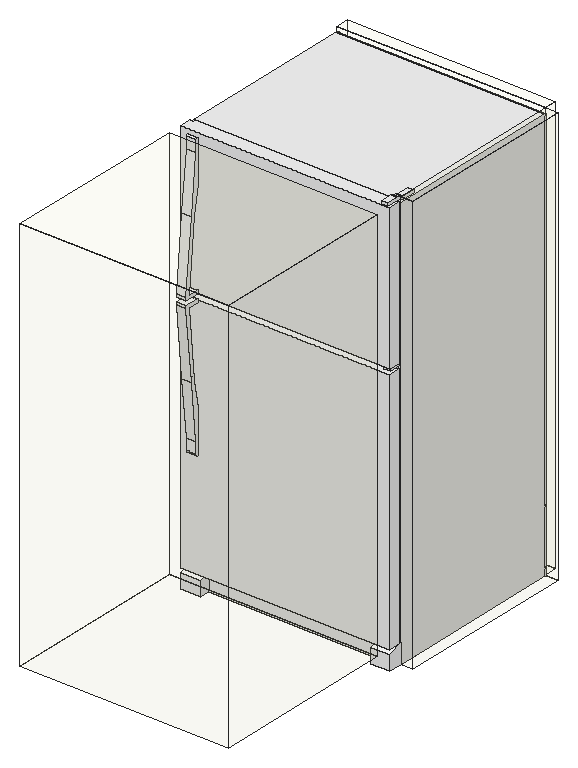
Revit family "WRT311FZDW-011c_Refrigeration_Top_Mount", category Specialty Equipment, Revit 2026
Family settings
  Round Connector Dimension = Use Diameter
  Part Type = Normal
  Work Plane-Based = No
  Enable Cutting in Views = No
  Always vertical = Yes
  Cut with Voids When Loaded = No
  Maintain Annotation Orientation = No
  Shared = No
  Room Calculation Point = No
Parameters (values of type "WRT311FZDW")
  Width = 32 3/4"
  Warranty Duration (Years) = "One year limited"
  Voltage = 120 V
  URL = "https://www.whirlpool.com/kitchen/refrigeration/refrigerators/top-freezer/p.33-inch-wide-top-freezer-refrigerator-20-cu.-ft.wrt311fzdz.html"
  Specification = ""
  SpecWizard = ""
  Show Clearance [instance] = yes
  Send Message = ""
  Sales Information = "https://www.whirlpool.com/kitchen/refrigeration/refrigerators/top-freezer/p.33-inch-wide-top-freezer-refrigerator-20-cu.-ft.wrt311fzdz.html"
  Product Data = "https://www.whirlpool.com/content/dam/global/documents/201710/InstallationandOwnersManual-W10726840-RevA.pdf"
  Model = "WRT311FZDW"
  Manufacturer Website = ""
  Manufacturer Phone - Toll Free = ""
  Manufacturer Phone = ""
  Manufacturer Fax = ""
  Manufacturer Email = ""
  Manufacturer Address = ""
  Manufacturer = "Whirlpool"
  Maintenance Schedule (Months) = "NA"
  Leg Material = ARCAT - Plastic - Black
  Installation-Fabrication = "https://www.whirlpool.com/content/dam/global/documents/201410/dimension-guide-W10674106-D-WH.pdf"
  Installation Phase = "NA"
  Height = 66 1/4"
  Handle Material = ARCAT - Metal - Steel - White
  HW size = 0"
  Family Name = "Freestanding Refrigerator"
  Expected Lifespan (Years) = "NA"
  Exhaust size = 0"
  Drawn By = ""
  Drain size = 0"
  Door Material = ARCAT - Metal - Steel - White
  Description = "Whirlpool® 33-inch Wide Top Freezer Refrigerator - 20 cu. ft"
  Depth = 32 7/8"
  Default Elevation = 0"
  Copyright = ""
  Clearance Material = ARCAT - Clearance
  CW size = 0"
  Body Material = ARCAT - Metal - Steel - White
  Apparent Load = 0 VA
  Amps = 15 A
Reference planes (in)
  plane 1 "Center (Front/Back)": y = 0
  plane 2: z = 0
  plane 3 "Center (Left/Right)": x = 0
  plane 4: z = 66.25
  plane 5: x = -16.375
  plane 6: x = 16.375
  plane 7: y = -34.875
  plane 8: y = -2
Forms (in)
  Extrusion 1, solid, material "ARCAT - Clearance" <- "Clearance Material", visible <- "Show Clearance", detail levels medium+fine
    sketch origin (63.95747, -180.25, 0) x (-1, 0, 0) y (0, -1, 0)
      loop
        line (47.58247, -145.375) -> (80.33247, -145.375) -> (80.33247, -116) -> (47.58247, -116) -> (47.58247, -145.375)
    from 3.5 to 65.75
  Extrusion 2, solid, material "ARCAT - Clearance" <- "Clearance Material", visible <- "Show Clearance", detail levels medium+fine
    sketch origin (63.95747, -149.5, 0) x (-1, 0, 0) y (0, -1, 0)
      loop
        line (47.58247, -149.5) -> (80.33247, -149.5) -> (80.33247, -147.5) -> (47.58247, -147.5) -> (47.58247, -149.5)
    from 0.5 to 66.25
  Extrusion 3, solid, material "ARCAT - Clearance" <- "Clearance Material", visible <- "Show Clearance", detail levels medium+fine
    sketch origin (91.95747, -164.38786, 0) x (-1, 0, 0) y (0, -1, 0)
      loop
        line (73.58247, -162.38786) -> (75.58247, -162.38786) -> (75.58247, -133.88786) -> (73.58247, -133.88786) -> (73.58247, -162.38786)
    from 0.5 to 66.25
  Extrusion 4, solid, material "ARCAT - Metal - Steel - White" <- "Body Material"
    sketch origin (0, -3.25, 0) x (1, 0, 0) y (0, 1, 0)
      loop
        line (-16.375, 1.125) -> (-16.375, -27.25) -> (16.375, -27.25) -> (16.375, 1.125) -> (-16.375, 1.125)
    from 0.5 to 65.5
  Extrusion 5, solid, material "ARCAT - Metal - Steel - White" <- "Door Material"
    sketch origin (0, -4.75, 58.5) x (1, 0, 0) y (0, 1, 0)
      loop
        line (-16.375, -26.10355) -> (-16.375, -27.875) -> (16.375, -27.875) -> (16.375, -26.10355) -> (15.875, -26.10355) -> (15.875, -25.75) -> (-15.875, -25.75) -> (-15.875, -26.10355) -> (-16.375, -26.10355)
    from -15.5 to 7.25
  Extrusion 6, solid, material "ARCAT - Metal - Steel - White" <- "Body Material"
    sketch origin (-16.375, -2.125, 0) x (1, 0, 0) y (0, 0, -1)
      loop
        line (32.75, -10.5) -> (32.75, -1.75) -> (31.75, -1.75) -> (31.75, -0.5) -> (1, -0.5) -> (1, -1.75) -> (0, -1.75) -> (0, -4.29678) -> (2, -4.29678) -> (2, -6.16758) -> (0, -6.16758) -> (0, -10.5) -> (22.79749, -10.5) -> (22.79749, -9) -> (23.54749, -9) -> (23.54749, -10.5) -> (32.75, -10.5)
    from 0 to 0.125
  Extrusion 7, solid, material "ARCAT - Metal - Steel - White" <- "Body Material"
    sketch origin (-14.1746, -2.125, -0.95577) x (1, 0, 0) y (0, 0, -1)
      loop
        circle (29.2996, -11.70577) r 0.25
    from 0 to 0.03125
  Extrusion 8, solid, material "ARCAT - Plastic - Black" <- "Leg Material"
    sketch origin (4.68238, 16.64858, 0.5) x (1, 0, 0) y (0, -1, 0)
      loop
        circle (-18.55738, 21.14858) r 0.75
    from 0 to 0.5
  Extrusion 9, solid, material "ARCAT - Plastic - Black" <- "Leg Material"
    sketch origin (-4.68238, 16.64858, 0.5) x (1, 0, 0) y (0, -1, 0)
      loop
        circle (18.55738, 21.14858) r 0.75
    from 0 to 0.5
  Extrusion 10, solid, material "ARCAT - Plastic - Black" <- "Leg Material"
    sketch origin (4.68238, -3.60142, 0.5) x (1, 0, 0) y (0, -1, 0)
      loop
        circle (-18.55738, 22.39858) r 0.75
    from 0 to 0.5
  Extrusion 11, solid, material "ARCAT - Plastic - Black" <- "Leg Material"
    sketch origin (-4.68238, -3.60142, 0.5) x (1, 0, 0) y (0, -1, 0)
      loop
        circle (18.55738, 22.39858) r 0.75
    from 0 to 0.5
  Extrusion 12, solid, material "ARCAT - Metal - Steel - White" <- "Handle Material"
    sketch origin (-15.3125, -3.25, 38.625) x (0, 0, 1) y (0, 1, 0)
      loop
        arc (19.73308, -29.375) -> (17.65687, -29.64998) -> (15.59639, -30.02501) r 43.31025
        arc (15.59639, -30.02501) -> (10.26376, -30.84893) -> (4.875, -31.12638) r 53
        line (4.875, -31.12638) -> (4.875, -29.375) -> (4.375, -29.375) -> (4.375, -31.625)
        arc (4.375, -31.625) -> (4.58156, -31.6259) -> (4.78812, -31.62635) r 95.84862
        arc (4.78812, -31.62635) -> (10.27151, -31.35075) -> (15.69779, -30.51462) r 53.5
        arc (15.69779, -30.51462) -> (20.0161, -29.84799) -> (24.37987, -29.625) r 42.81025
        line (24.37987, -29.625) -> (26.12987, -29.625)
        arc (26.12987, -29.625) -> (26.30665, -29.55178) -> (26.37987, -29.375) r 0.25
        line (26.37987, -29.375) -> (19.73308, -29.375)
    from 0 to -1.5
  Extrusion 13, solid, material "ARCAT - Metal - Steel - White" <- "Body Material"
    sketch origin (-42.8125, -32.25, 48) x (1, 0, 0) y (0, 0, 1)
      loop
        line (29.4375, -44.5) -> (29.4375, -47.5) -> (56.1875, -47.5) -> (56.1875, -44.5) -> (29.4375, -44.5)
    from -1.75 to -1.25
  Extrusion 14, solid, material "ARCAT - Metal - Steel - White" <- "Door Material"
    sketch origin (0, -4.75, 35.5) x (1, 0, 0) y (0, 1, 0)
      loop
        line (-16.375, -26.10355) -> (-16.375, -27.875) -> (16.375, -27.875) -> (16.375, -26.10355) -> (15.875, -26.10355) -> (15.875, -25.75) -> (-15.875, -25.75) -> (-15.875, -26.10355) -> (-16.375, -26.10355)
    from -32 to 6.75
  Extrusion 15, solid, material "ARCAT - Metal - Steel - White" <- "Body Material"
    sketch origin (-16.375, -1.25, 0) x (0, 1, 0) y (0, 0, 1)
      loop
        line (-29.25, 3.5) -> (-31.375, 2.75) -> (-31.375, 0.5) -> (-29.25, 0.5) -> (-29.25, 3.5)
    from 0 to 3
  Extrusion 16, solid, material "ARCAT - Metal - Steel - White" <- "Body Material"
    sketch origin (16.375, -1.25, 0) x (0, 1, 0) y (0, 0, -1)
      loop
        line (-29.25, -3.5) -> (-29.25, -0.5) -> (-31.375, -0.5) -> (-31.375, -2.75) -> (-29.25, -3.5)
    from 0 to 3
  Extrusion 17, solid, material "ARCAT - Metal - Steel - White" <- "Body Material"
    sketch origin (-14, -2.25, 0) x (1, 0, 0) y (0, 0, -1)
      loop
        line (30.375, -65.5) -> (30.375, -10.5) -> (29.375, -10.5) -> (29.375, -64.5) -> (-1.375, -64.5) -> (-1.375, -10.5) -> (-2.375, -10.5) -> (-2.375, -65.5) -> (30.375, -65.5)
      loop
        line (30.375, -0.5) -> (29.375, -0.5) -> (29.375, -1.75) -> (30.375, -1.75) -> (30.375, -0.5)
      loop
        line (-2.375, -0.5) -> (-2.375, -1.75) -> (-1.375, -1.75) -> (-1.375, -0.5) -> (-2.375, -0.5)
    from 0.125 to 0.25
  Extrusion 18, solid, material "ARCAT - Metal - Steel - White" <- "Handle Material"
    sketch origin (-15.3125, -3.25, 46.625) x (0, 0, -1) y (0, -1, 0)
      loop
        line (19.73308, 29.375) -> (26.37987, 29.375)
        arc (26.37987, 29.375) -> (26.30665, 29.55178) -> (26.12987, 29.625) r 0.25
        line (26.12987, 29.625) -> (24.37987, 29.625)
        arc (24.37987, 29.625) -> (20.0161, 29.84799) -> (15.69779, 30.51462) r 42.81025
        arc (15.69779, 30.51462) -> (10.27151, 31.35075) -> (4.78812, 31.62635) r 53.5
        arc (4.78812, 31.62635) -> (4.58156, 31.6259) -> (4.375, 31.625) r 95.84862
        line (4.375, 31.625) -> (4.375, 29.375) -> (4.875, 29.375) -> (4.875, 31.12638)
        arc (4.875, 31.12638) -> (10.26376, 30.84893) -> (15.59639, 30.02501) r 53
        arc (15.59639, 30.02501) -> (17.65687, 29.64998) -> (19.73308, 29.375) r 43.31025
    from 0 to -1.5
  Extrusion 19, solid, material "ARCAT - Metal - Steel - White" <- "Body Material"
    sketch origin (0.5, -4.75, 65.75) x (1, 0, 0) y (0, 1, 0)
      loop
        circle (15.125, -26.8125) r 0.25
    from 0 to 0.125
  Extrusion 20, solid, material "ARCAT - Metal - Steel - White" <- "Body Material"
    sketch origin (15.125, 3.75, 48) x (0, 1, 0) y (0, 0, 1)
      loop
        line (-36.375, 17.875) -> (-34.6031, 17.875)
        arc (-34.6031, 17.875) -> (-34.42946, 17.85981) -> (-34.26108, 17.81469) r 1
        line (-34.26108, 17.81469) -> (-33.56217, 17.56031)
        arc (-33.56217, 17.56031) -> (-33.39379, 17.51519) -> (-33.22015, 17.5) r 1
        line (-33.22015, 17.5) -> (-31.25, 17.5) -> (-31.25, 17.875) -> (-33.22015, 17.875)
        arc (-33.22015, 17.875) -> (-33.39379, 17.89019) -> (-33.56217, 17.93531) r 1
        line (-33.56217, 17.93531) -> (-34.26108, 18.18969)
        arc (-34.26108, 18.18969) -> (-34.42946, 18.23481) -> (-34.6031, 18.25) r 1
        line (-34.6031, 18.25) -> (-36.375, 18.25) -> (-36.375, 17.875)
    from 0 to 1
  Extrusion 21, solid, material "ARCAT - Metal - Steel - White" <- "Body Material"
    sketch origin (0.5, -4.75, 42.5) x (1, 0, 0) y (0, 1, 0)
      loop
        circle (15.125, -26.8125) r 0.25
    from -0.25 to 0.5
  Extrusion 22, solid, material "ARCAT - Metal - Steel - White" <- "Body Material"
    sketch origin (15.125, 3.75, 24.5625) x (0, 1, 0) y (0, 0, 1)
      loop
        line (-35.93026, 17.875) -> (-34.25, 17.875) -> (-34.25, 18.25) -> (-35.93026, 18.25) -> (-35.93026, 17.875)
    from 0 to 1
Cuts and joins
  joined: Extrusion 19, Extrusion 20
  joined: Extrusion 21, Extrusion 22
Lines and regions (in)
  model lines
    curve 1: line (-13.625, -2, 3.60755) -> (-13.625, -2, 7.99851)
    curve 2: line (-10.625, -2, 7.99851) -> (-10.625, -2, 3.60755)
    curve 3: line (12.875, -2, 6.75) -> (12.875, -2, 9.75)
    curve 4: line (14.91509, -2, 6.75) -> (14.91509, -2, 2.125)
    curve 5: line (7.375, -2, 9.75) -> (12.875, -2, 9.75)
    curve 6: line (6.875, -2, 2.125) -> (6.875, -2, 8.75)
    curve 7: line (14.91509, -2, 2.125) -> (6.875, -2, 2.125)
    curve 11: line (-12.58491, -31, 3) -> (-12.58491, -31, 1)
    curve 12: line (-12.58491, -31, 3) -> (1.41509, -31, 3)
    curve 13: line (-10.58491, -31, 3) -> (-10.58491, -31, 1)
    curve 14: line (-8.58491, -31, 3) -> (-8.58491, -31, 1)
    curve 15: line (-6.58491, -31, 3) -> (-6.58491, -31, 1)
    curve 16: line (-4.58491, -31, 3) -> (-4.58491, -31, 1)
    curve 17: line (-2.58491, -31, 3) -> (-2.58491, -31, 1)
    curve 18: line (-0.58491, -31, 3) -> (-0.58491, -31, 1)
    curve 19: line (1.41509, -31, 3) -> (1.41509, -31, 1)
    curve 20: line (-12.58491, -31, 2.5) -> (1.41509, -31, 2.5)
    curve 21: line (-12.58491, -31, 2) -> (1.41509, -31, 2)
    curve 22: line (-12.58491, -31, 1.5) -> (1.41509, -31, 1.5)
    curve 23: line (-12.58491, -31, 1) -> (1.41509, -31, 1)
    curve 24: line (12.58491, -31, 3) -> (12.58491, -31, 1)
    curve 25: line (4.16509, -31, 3) -> (4.16509, -31, 1)
    curve 26: line (12.58491, -31, 3) -> (4.16509, -31, 3)
    curve 27: line (4.16509, -31, 1) -> (12.58491, -31, 1)
    curve 28: line (10.03836, -31, 3) -> (10.03836, -31, 1)
    curve 29: line (6.97586, -31, 3) -> (6.97586, -31, 1)
    curve 30: line (4.16509, -31, 2.25) -> (12.58491, -31, 2.25)
    curve 31: line (4.16509, -31, 1.75) -> (12.58491, -31, 1.75)
    curve 32: line (12.875, -2, 6.75) -> (14.91509, -2, 6.75)
    curve 33: line (7.375, -2, 8.75) -> (7.375, -2, 9.75)
    curve 34: line (6.875, -2, 8.75) -> (7.375, -2, 8.75)
    curve 35: arc (-13.625, -2, 7.99851) -> (-12.125, -2, 9.49851) -> (-10.625, -2, 7.99851) r 1.5
    curve 36: arc (-10.625, -2, 3.60755) -> (-12.125, -2, 2.10755) -> (-13.625, -2, 3.60755) r 1.5
  symbolic lines
    curve 8: line (-16.375, -2, 0) -> (16.375, -2, 0)
    curve 9: line (-16.375, -32.625, 0) -> (-16.375, -2, 0)
    curve 10: line (16.375, -2, 0) -> (16.375, -32.625, 0)
  symbolic lines, style "SpecialityEquipment"
    curve 37: line (-16.375, -32.625, 65.75) -> (16.375, -32.625, 65.75)
    curve 38: line (-15.3125, -32.625, 65.75) -> (-15.3125, -34.875, 65.75)
    curve 39: line (-15.3125, -34.875, 65.75) -> (-13.8125, -34.875, 65.75)
    curve 40: line (-13.8125, -34.875, 65.75) -> (-13.8125, -32.625, 65.75)
Dimensions and locks (in)
  "Height": plane 4 to plane 2
  equal spacing: plane 5, plane 3 "Center (Left/Right)", plane 6
  "Width": plane 5 to plane 6
  "Depth": plane 7 to plane 8
  aligned and locked: plane 2 to level
Automatic sketch dimensions
  Extrusion 1 sketch curve to plane 6 = 0"
  Extrusion 1 sketch curve to plane 5 = 0"
  plane 7 to Extrusion 1 sketch curve = 0"
  plane 7 to Extrusion 1 sketch curve = 29 3/8"
  Extrusion 2 sketch curve to plane 6 = 0"
  Extrusion 2 sketch curve to plane 5 = 0"
  plane 1 "Center (Front/Back)" to Extrusion 2 sketch curve = 0"
  plane 8 to Extrusion 2 sketch curve = 0"
  plane 8 to Extrusion 3 sketch curve = 0"
  Extrusion 3 sketch curve to plane 6 = 0"
  Extrusion 3 sketch curve to Extrusion 3 sketch curve = 2"
  Extrusion 3 sketch curve to plane 7 = 4 3/8"
  Extrusion 4 sketch curve to plane 5 = 0"
  Extrusion 4 sketch curve to plane 6 = 0"
  Extrusion 4 sketch curve to plane 7 = 4 3/8"
  plane 8 to Extrusion 4 sketch curve = 1/8"
  Extrusion 5 sketch curve to plane 5 = 0"
  Extrusion 5 sketch curve to plane 6 = 0"
  plane 5 to Extrusion 5 sketch curve = 1/2"
  plane 6 to Extrusion 5 sketch curve = 1/2"
  Extrusion 5 sketch curve to plane 7 = 2 1/4"
  Extrusion 5 sketch curve to Extrusion 5 sketch curve = 1.77145"  (x2)
  Extrusion 5 sketch curve to Extrusion 5 sketch curve = 0.35355"
  plane 6 to Extrusion 7 sketch curve = 1 1/4"
  level to Extrusion 7 sketch curve = 10 3/4"
  plane 5 to Extrusion 8 sketch curve = 2 1/2"
  plane 8 to Extrusion 8 sketch curve = 2 1/2"
  plane 6 to Extrusion 9 sketch curve = 2 1/2"
  plane 8 to Extrusion 9 sketch curve = 2 1/2"
  plane 5 to Extrusion 10 sketch curve = 2 1/2"
  Extrusion 10 sketch curve to plane 7 = 8 7/8"
  plane 6 to Extrusion 11 sketch curve = 2 1/2"
  Extrusion 11 sketch curve to plane 7 = 8 7/8"
  Extrusion 12 sketch curve to Extrusion 12 sketch curve = 0"  (x5)
  Extrusion 12 sketch curve to plane 7 = 0"
  Extrusion 12 sketch curve to plane 7 = 2 1/4"  (x2)
  plane 4 to Extrusion 12 sketch curve = 23 1/4"
  plane 4 to Extrusion 12 sketch curve = 22.77721"
  Extrusion 12 sketch curve to Extrusion 12 sketch curve = 1/2"
  plane 4 to Extrusion 12 sketch curve = 22.72998"
  plane 4 to Extrusion 12 sketch curve = 7.89192"
  plane 4 to Extrusion 12 sketch curve = 3.24513"
  plane 4 to Extrusion 12 sketch curve = 1.49513"
  Extrusion 12 sketch curve to Extrusion 12 sketch curve = 1/4"
  plane 7 to Extrusion 12 sketch curve = 40.81025"
  Extrusion 12 sketch curve to plane 7 = 0.49862"
  Extrusion 12 sketch curve to plane 1 "Center (Front/Back)" = 18.62362"
  Extrusion 12 sketch curve to Extrusion 12 sketch curve = 42.34859"
  level to Extrusion 13 sketch curve = 1/2"
  plane 5 to Extrusion 13 sketch curve = 3"
  plane 6 to Extrusion 13 sketch curve = 3"
  Extrusion 13 sketch curve to Extrusion 13 sketch curve = 3"
  Extrusion 14 sketch curve to plane 5 = 0"
  Extrusion 14 sketch curve to plane 6 = 0"
  plane 5 to Extrusion 14 sketch curve = 1/2"
  plane 6 to Extrusion 14 sketch curve = 1/2"
  Extrusion 14 sketch curve to plane 7 = 2 1/4"
  Extrusion 14 sketch curve to Extrusion 14 sketch curve = 1.77145"  (x2)
  Extrusion 14 sketch curve to Extrusion 14 sketch curve = 0.35355"
  Extrusion 15 sketch curve to plane 7 = 2 1/4"
  level to Extrusion 15 sketch curve = 1/2"
  Extrusion 15 sketch curve to Extrusion 15 sketch curve = 2 1/8"
  Extrusion 15 sketch curve to Extrusion 15 sketch curve = 2 1/4"
  Extrusion 15 sketch curve to Extrusion 15 sketch curve = 3/4"
  Extrusion 16 sketch curve to plane 7 = 2 1/4"
  level to Extrusion 16 sketch curve = 1/2"
  Extrusion 16 sketch curve to Extrusion 16 sketch curve = 2 1/8"
  Extrusion 16 sketch curve to Extrusion 16 sketch curve = 2 1/4"
  Extrusion 16 sketch curve to Extrusion 16 sketch curve = 3/4"
  curve 11 to Extrusion 13 = 0.79009"
  curve 12 to Extrusion 13 = 1/2"
  curve 12 to Extrusion 13 = 11.95991"
  curve 25 to Extrusion 13 = 1/2"
  curve 12 to curve 25 = 2 3/4"
  curve 26 to Extrusion 13 = 0.79009"
  curve 19 to Extrusion 13 = 1/2"
  curve 24 to Extrusion 13 = 1/2"
  curve 11 to curve 13 = 2"
  curve 13 to curve 14 = 2"
  curve 14 to curve 15 = 2"
  curve 15 to curve 16 = 2"
  curve 16 to curve 17 = 2"
  curve 17 to curve 18 = 2"
  curve 25 to curve 29 = 2.81077"
  curve 28 to curve 24 = 2.54655"
  curve 20 to curve 12 = 1/2"
  curve 30 to curve 24 = 3/4"
  curve 21 to curve 20 = 1/2"
  curve 31 to curve 30 = 1/2"
  curve 11 to curve 22 = 1/2"
  Extrusion 17 sketch curve to plane 5 = 0"  (x2)
  plane 6 to Extrusion 17 sketch curve = 0"  (x2)
  Extrusion 17 sketch curve to Extrusion 17 sketch curve = 1"  (x3)
  plane 4 to Extrusion 17 sketch curve = 3/4"
  level to Extrusion 17 sketch curve = 1/2"  (x2)
  Extrusion 18 sketch curve to Extrusion 18 sketch curve = 0"  (x5)
  Extrusion 18 sketch curve to plane 7 = 0"
  Extrusion 18 sketch curve to plane 7 = 2 1/4"  (x2)
  plane 4 to Extrusion 18 sketch curve = 24"
  plane 4 to Extrusion 18 sketch curve = 24.47279"
  Extrusion 18 sketch curve to Extrusion 18 sketch curve = 1/2"
  plane 4 to Extrusion 18 sketch curve = 24.52002"
  Extrusion 18 sketch curve to Extrusion 18 sketch curve = 14.85808"
  level to Extrusion 18 sketch curve = 22.24513"
  Extrusion 18 sketch curve to Extrusion 18 sketch curve = 1 3/4"
  Extrusion 18 sketch curve to Extrusion 18 sketch curve = 1/4"
  Extrusion 18 sketch curve to plane 1 "Center (Front/Back)" = 18.62362"
  Extrusion 18 sketch curve to Extrusion 18 sketch curve = 42.34859"
  Extrusion 18 sketch curve to plane 7 = 0.49862"
  plane 7 to Extrusion 18 sketch curve = 40.81025"
  Extrusion 19 sketch curve to Extrusion 5 = 1/4"
  Extrusion 19 sketch curve to Extrusion 5 = 0.70895"
  plane 4 to Extrusion 20 sketch curve = 0"
  plane 4 to Extrusion 20 sketch curve = 3/8"
  Extrusion 20 sketch curve to plane 7 = 2 1/4"
  Extrusion 20 sketch curve to Extrusion 20 sketch curve = 1.7719"
  Extrusion 20 sketch curve to Extrusion 20 sketch curve = 0"  (x2)
  plane 4 to Extrusion 20 sketch curve = 0.06031"
  Extrusion 20 sketch curve to Extrusion 20 sketch curve = 0.34202"  (x4)
  plane 4 to Extrusion 20 sketch curve = 0.43531"
  plane 4 to Extrusion 20 sketch curve = 0.31469"
  Extrusion 20 sketch curve to Extrusion 20 sketch curve = 0.69892"
  plane 4 to Extrusion 20 sketch curve = 0.68969"
  Extrusion 20 sketch curve to Extrusion 20 sketch curve = 1.97015"
  Extrusion 20 sketch curve to Extrusion 20 sketch curve = 0.06031"  (x2)
  plane 6 to Extrusion 21 sketch curve = 3/4"
  Extrusion 21 sketch curve to plane 7 = 3 5/16"
  Extrusion 22 sketch curve to plane 7 = 2.69474"
  Extrusion 22 sketch curve to Extrusion 22 sketch curve = 1.68026"
  plane 4 to Extrusion 22 sketch curve = 23 13/16"
  Extrusion 22 sketch curve to Extrusion 22 sketch curve = 3/8"
  curve 1 to Extrusion 6 = 2 3/4"
  curve 1 to curve 36 = 1 1/2"
  Extrusion 6 to curve 6 = 0.29749"
  curve 34 to Extrusion 6 = 0.20251"
  curve 5 to Extrusion 6 = 3/4"
  curve 5 to Extrusion 6 = 3 1/2"
  curve 4 to Extrusion 6 = 1.45991"
  curve 34 to Extrusion 6 = 1/4"
  curve 35 to Extrusion 6 = 1.00149"
  curve 32 to Extrusion 6 = 2 1/4"
  curve 2 to Extrusion 6 = 3.10755"
  curve 7 to Extrusion 6 = 1 5/8"
  Extrusion 4 to Extrusion 6 sketch curve = 0"  (x2)
  Extrusion 6 sketch curve to Extrusion 4 = 0"  (x2)
  Extrusion 6 sketch curve to Extrusion 4 = 1"
  Extrusion 6 sketch curve to Extrusion 6 sketch curve = 2"
  Extrusion 6 sketch curve to Extrusion 6 sketch curve = 9.95251"
  Extrusion 6 sketch curve to Extrusion 6 sketch curve = 3/4"
  Extrusion 6 sketch curve to Extrusion 6 sketch curve = 1"
  Extrusion 4 to Extrusion 6 sketch curve = 1 1/4"  (x2)
  Extrusion 6 sketch curve to Extrusion 6 sketch curve = 2.54678"
  Extrusion 6 sketch curve to Extrusion 6 sketch curve = 1.8708"
  Extrusion 4 to Extrusion 6 sketch curve = 8 1/2"
  Extrusion 6 sketch curve to Extrusion 6 sketch curve = 1 1/2"
  Extrusion 6 sketch curve to Extrusion 6 sketch curve = 4.33242"
  plane 3 "Center (Left/Right)" to Extrusion 17 sketch curve = 15 3/8"
  Extrusion 17 sketch curve to Extrusion 17 sketch curve = 0"
  Extrusion 17 sketch curve to Extrusion 17 sketch curve = 8 3/4"
  plane 5 to Extrusion 17 sketch curve = 1"
  Extrusion 17 sketch curve to Extrusion 17 sketch curve = 1 1/4"  (x2)
  curve 9 to plane 5 = 0"
  curve 10 to plane 6 = 0"
  plane 8 to curve 9 = 0"
  curve 10 to plane 7 = 2 1/4"
  curve 9 to plane 7 = 2 1/4"
  curve 37 to Extrusion 5 = 0"  (x3)
  curve 38 to Extrusion 5 = 9/16"
  curve 38 to curve 38 = 2 1/4"
  curve 38 to curve 39 = 1 1/2"
  radius of Extrusion 7 sketch curve = 1/4"
  radius of Extrusion 8 sketch curve = 3/4"
  radius of Extrusion 9 sketch curve = 3/4"
  radius of Extrusion 10 sketch curve = 3/4"
  radius of Extrusion 11 sketch curve = 3/4"
  radius of Extrusion 19 sketch curve = 1/4"
  radius of Extrusion 21 sketch curve = 1/4"
Connectors (in)
  electrical at (15.125, -2.09375, 10.75), driven by "Voltage", driven by "Apparent Load"
    settings: on Extrusion 7, index 5, voltage 120 V, apparent load 0 VA, apparent load phase1 0 VA, apparent load phase2 0 VA, apparent load phase3 0 VA, power factor 1, load classification "Other", number of poles 1, system type 30, power factor state 1, is connector primary yes, connector utility no, sub classification motor no, connector description "Electrical Connection"
